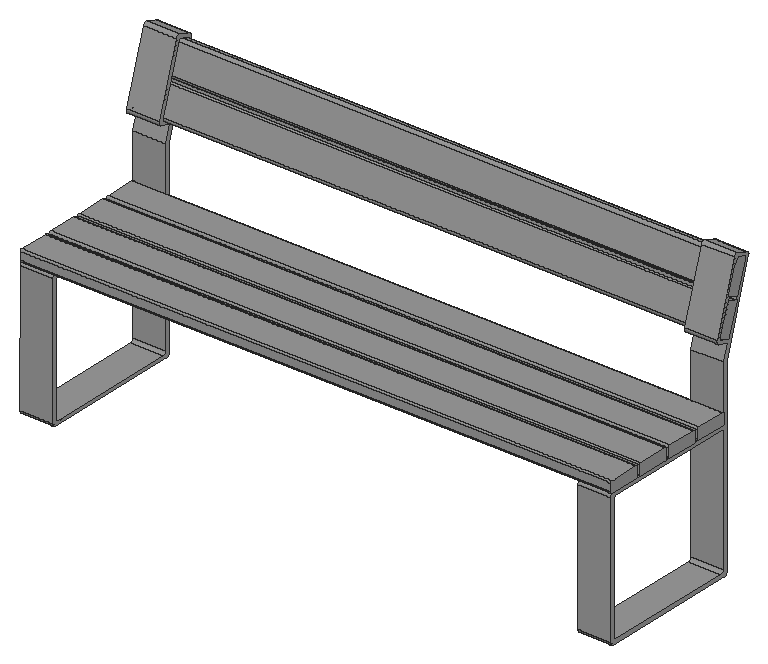
Revit family "Скамейка стальная «Идиллия» без подлокотников опора Арт 14138", category Антураж, Revit 2018
Family settings
  На основе рабочей плоскости = Нет
  Всегда вертикально = Да
  При загрузке вырезать с полостями = Нет
  Источник визуального образа = Геометрия семейства
  Общий = Нет
  Точка расчета площади = Нет
Parameters (values of type "Модель 1,8 м")
  Ширина = 526 mm  # constant formula
  Цвет сидения = Дерево Тик
  Цвет каркаса = Сталь
  Описание = "Скамейка стальная «Идиллия» без подлокотников"  # constant formula
  Материал изделия = "Сталь, дерево"  # constant formula
  Изображение типоразмера = Скамейка стальная «Идиллия» без подлокотников опора Арт 14138.jpg
  Изготовитель = "ООО «Хоббика»"  # constant formula
  Длина = 1800 mm  # constant formula
  Группа модели = "Скамейки"  # constant formula
  Высота = 870 mm  # constant formula
  Артикул товара = "Арт. 14138"  # constant formula
  URL = "https://hobbyka.ru/product/skameyka_idilliya_bez_podlokotnikov/"
Reference planes
  plane 1 "По центру (Вперед/Назад)": y = 0
  plane 2: z = 0
  plane 3 "По центру (Влево/Вправо)": x = 0
  plane 4: x = 1800
  plane 5: y = 526
  plane 6: z = 870
Forms (mm)
  Extrusion 1, solid, material "Дерево Тик" <- "Цвет сидения"
    sketch origin (0, 0, 0) x (0, 1, 0) y (0, 0, 1)
      loop
        arc (425.4, 415) -> (428.936, 416.464) -> (430.4, 420) r 5
        line (430.4, 420) -> (430.4, 445)
        arc (430.4, 445) -> (428.936, 448.536) -> (425.4, 450) r 5
        line (425.4, 450) -> (335.4, 450)
        arc (335.4, 450) -> (331.864, 448.536) -> (330.4, 445) r 5
        line (330.4, 445) -> (330.4, 420)
        arc (330.4, 420) -> (331.864, 416.464) -> (335.4, 415) r 5
        line (335.4, 415) -> (425.4, 415)
      loop
        arc (315.4, 415) -> (318.936, 416.464) -> (320.4, 420) r 5
        line (320.4, 420) -> (320.4, 445)
        arc (320.4, 445) -> (318.936, 448.536) -> (315.4, 450) r 5
        line (315.4, 450) -> (225.4, 450)
        arc (225.4, 450) -> (221.864, 448.536) -> (220.4, 445) r 5
        line (220.4, 445) -> (220.4, 420)
        arc (220.4, 420) -> (221.864, 416.464) -> (225.4, 415) r 5
        line (225.4, 415) -> (315.4, 415)
      loop
        arc (205.4, 415) -> (208.936, 416.464) -> (210.4, 420) r 5
        line (210.4, 420) -> (210.4, 445)
        arc (210.4, 445) -> (208.936, 448.536) -> (205.4, 450) r 5
        line (205.4, 450) -> (115.4, 450)
        arc (115.4, 450) -> (111.864, 448.536) -> (110.4, 445) r 5
        line (110.4, 445) -> (110.4, 420)
        arc (110.4, 420) -> (111.864, 416.464) -> (115.4, 415) r 5
        line (115.4, 415) -> (205.4, 415)
      loop
        arc (95.4, 415) -> (98.936, 416.464) -> (100.4, 420) r 5
        line (100.4, 420) -> (100.4, 445)
        arc (100.4, 445) -> (98.936, 448.536) -> (95.4, 450) r 5
        line (95.4, 450) -> (5.4, 450)
        arc (5.4, 450) -> (1.864, 448.536) -> (0.4, 445) r 5
        line (0.4, 445) -> (0.4, 420)
        arc (0.4, 420) -> (1.864, 416.464) -> (5.4, 415) r 5
        line (5.4, 415) -> (95.4, 415)
      loop
        arc (510.309, 831.654) -> (509.709, 839.284) -> (503.889, 844.255) r 10
        line (503.889, 844.255) -> (489.623, 848.89)
        arc (489.623, 848.89) -> (481.993, 848.29) -> (477.022, 842.47) r 10
        line (477.022, 842.47) -> (450.756, 761.63)
        arc (450.756, 761.63) -> (451.056, 757.815) -> (453.966, 755.33) r 5
        line (453.966, 755.33) -> (477.742, 747.604)
        arc (477.742, 747.604) -> (481.557, 747.905) -> (484.043, 750.815) r 5
        line (484.043, 750.815) -> (510.309, 831.654)
      loop
        arc (477.862, 731.793) -> (477.562, 735.608) -> (474.652, 738.094) r 5
        line (474.652, 738.094) -> (450.876, 745.819)
        arc (450.876, 745.819) -> (447.061, 745.519) -> (444.575, 742.609) r 5
        line (444.575, 742.609) -> (418.309, 661.769)
        arc (418.309, 661.769) -> (418.909, 654.139) -> (424.729, 649.168) r 10
        line (424.729, 649.168) -> (443.75, 642.988)
        arc (443.75, 642.988) -> (447.565, 643.288) -> (450.051, 646.198) r 5
        line (450.051, 646.198) -> (477.862, 731.793)
    from 0 to 1800
Dimensions and locks
  "Длина": plane 3 "По центру (Влево/Вправо)" to plane 4
  "Ширина": plane 5 to plane 1 "По центру (Вперед/Назад)"
  "Высота": plane 6 to level
  aligned and locked: level to plane 2
  aligned and locked: plane 1 "По центру (Вперед/Назад)" to nested 1
  aligned and locked: plane 1 "По центру (Вперед/Назад)" to nested 2
  aligned and locked: plane 3 "По центру (Влево/Вправо)" to nested 1
  aligned and locked: plane 4 to nested 2
  aligned and locked: Extrusion 1 to plane 3 "По центру (Влево/Вправо)"
  aligned and locked: plane 4 to Extrusion 1
Automatic sketch dimensions
  Extrusion 1 sketch curve to plane 1 "По центру (Вперед/Назад)" = 0.4 mm
  Extrusion 1 sketch curve to Extrusion 1 sketch curve = 5 mm  (x14)
  Extrusion 1 sketch curve to plane 1 "По центру (Вперед/Назад)" = 5.4 mm
  Extrusion 1 sketch curve to Extrusion 1 sketch curve = 90 mm  (x4)
  Extrusion 1 sketch curve to Extrusion 1 sketch curve = 0 mm  (x5)
  Extrusion 1 sketch curve to Extrusion 1 sketch curve = 10 mm  (x3)
  Extrusion 1 sketch curve to plane 5 = 107.691 mm
  Extrusion 1 sketch curve to Extrusion 1 sketch curve = 19.021 mm
  Extrusion 1 sketch curve to Extrusion 1 sketch curve = 1.545 mm  (x6)
  Extrusion 1 sketch curve to Extrusion 1 sketch curve = 4.755 mm  (x6)
  Extrusion 1 sketch curve to Extrusion 1 sketch curve = 6.18 mm  (x2)
  Extrusion 1 sketch curve to Extrusion 1 sketch curve = 3.21 mm  (x3)
  Extrusion 1 sketch curve to Extrusion 1 sketch curve = 23.776 mm
  Extrusion 1 sketch curve to Extrusion 1 sketch curve = 3.09 mm  (x6)
  Extrusion 1 sketch curve to plane 5 = 48.978 mm
  level to Extrusion 1 sketch curve = 415 mm
  Extrusion 1 sketch curve to Extrusion 1 sketch curve = 25 mm  (x3)
  Extrusion 1 sketch curve to Extrusion 1 sketch curve = 192.988 mm
  Extrusion 1 sketch curve to Extrusion 1 sketch curve = 85.595 mm
  Extrusion 1 sketch curve to Extrusion 1 sketch curve = 7.725 mm
  Extrusion 1 sketch curve to Extrusion 1 sketch curve = 9.511 mm  (x5)
  Extrusion 1 sketch curve to Extrusion 1 sketch curve = 80.84 mm
  Extrusion 1 sketch curve to plane 5 = 81.425 mm
  Extrusion 1 sketch curve to Extrusion 1 sketch curve = 6.42 mm
  Extrusion 1 sketch curve to Extrusion 1 sketch curve = 4.635 mm
  Extrusion 1 sketch curve to Extrusion 1 sketch curve = 14.266 mm
Nested families
  nested 1: "Скамейка стальная «Идиллия» без подлокотников опора" at (0, 0, 0), type "Скамейка стальная «Идиллия» без подлокотников опора"
  nested 2: "Скамейка стальная «Идиллия» без подлокотников опора" at (1800, 0, 0) x (-1, 0, 0) z (0, 0, 1), type "Скамейка стальная «Идиллия» без подлокотников опора"
Definition of nested family "Скамейка стальная «Идиллия» без подлокотников опора"
  Parameters (values of type "Скамейка стальная «Идиллия» без подлокотников опора")
    Цвет каркаса = none
    Height = 0 mm
  Reference planes
    plane 1 "По центру (Вперед/Назад)": y = 0
    plane 2: z = 0
    plane 3 "По центру (Влево/Вправо)": x = 0
    plane 4: x = 100
    plane 5: z = 870
    plane 6: y = 526
  Forms (mm)
    Extrusion 1, solid, material <- "Цвет каркаса"
      sketch origin (0, 0, 0) x (0, 1, 0) y (0, 0, 1)
        loop
          arc (10, 415) -> (2.929, 412.071) -> (0, 405) r 10
          line (0, 405) -> (0, 10)
          arc (0, 10) -> (2.929, 2.929) -> (10, 0) r 10
          line (10, 0) -> (430.4, 0)
          arc (430.4, 0) -> (437.471, 2.929) -> (440.4, 10) r 10
          line (440.4, 10) -> (440.4, 402.585) -> (440.4, 584.136) -> (522.91, 838.075)
          arc (522.91, 838.075) -> (522.309, 845.705) -> (516.489, 850.676) r 10
          line (516.489, 850.676) -> (483.202, 861.491)
          arc (483.202, 861.491) -> (475.572, 860.891) -> (470.602, 855.071) r 10
          line (470.602, 855.071) -> (405.708, 655.349)
          arc (405.708, 655.349) -> (406.309, 647.719) -> (412.129, 642.748) r 10
          line (412.129, 642.748) -> (445.416, 631.933) -> (430.4, 585.719) -> (430.4, 415) -> (10, 415)
        loop
          arc (20, 405) -> (12.929, 402.071) -> (10, 395) r 10
          line (10, 395) -> (10, 20)
          arc (10, 20) -> (12.929, 12.929) -> (20, 10) r 10
          line (20, 10) -> (420.4, 10)
          arc (420.4, 10) -> (427.471, 12.929) -> (430.4, 20) r 10
          line (430.4, 20) -> (430.4, 405) -> (20, 405)
        loop
          arc (510.309, 831.654) -> (509.709, 839.284) -> (503.889, 844.255) r 10
          line (503.889, 844.255) -> (489.623, 848.89)
          arc (489.623, 848.89) -> (481.993, 848.29) -> (477.022, 842.47) r 10
          line (477.022, 842.47) -> (418.309, 661.769)
          arc (418.309, 661.769) -> (418.909, 654.139) -> (424.729, 649.168) r 10
          line (424.729, 649.168) -> (448.506, 641.443) -> (510.309, 831.654)
      from 0 to 100
  Dimensions and locks
    aligned and locked: level to plane 2
    aligned and locked: plane 4 to Extrusion 1
    aligned and locked: Extrusion 1 to plane 3 "По центру (Влево/Вправо)"
